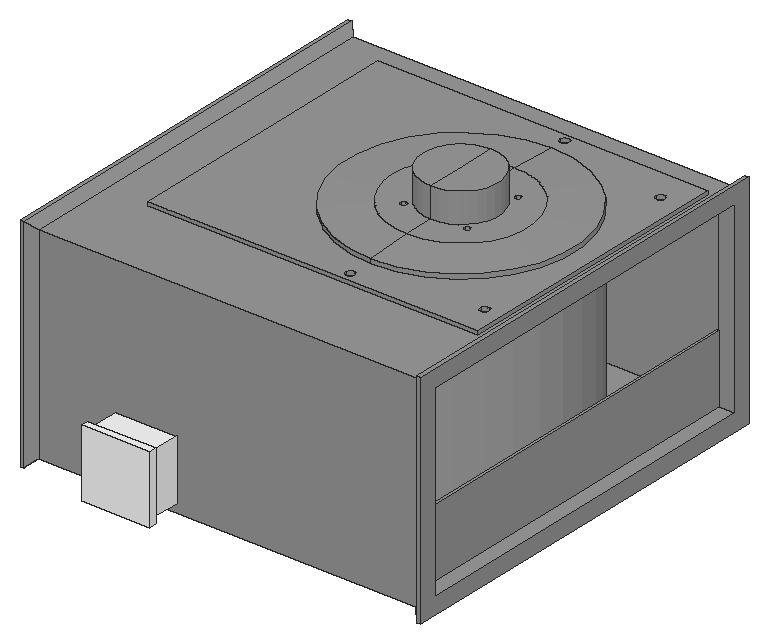
Revit family "RKB 500X250 B1 EC_7470036", category Mechanical Equipment, Revit 2014
Parameters (values of type "RKB 500X250 B1 EC")
  Wiring diagram = "4040143"
  Width = 532 mm
  Weight = 14.50 kg
  Voltage range = "200-240 V"
  Voltage = 230 V
  Speed = "2600 rpm"
  Sound pressure level at 3 m = "57 dB(A)"
  Power = 162 W
  Phase = 1
  Max. temperature of transported air when speed controlled = 60 °C
  Max. temperature of transported air = 60 °C
  Main Material = Steel, Galvanized
  Height = 335 mm
  Frequency = 50 Hz
  Elevation [instance] = 2600 mm
  Description = "UNINSULATED DUCT FANS WITH RECTANGULAR CONNECTIONS"
  Depth = 543 mm
  Current = 0.93 A
  Connector Height = 250 mm
  Connector Width = 500 mm
  Capacitor = "- μF"
Reference planes
  plane 1 "Center (Front/Back)": y = 0
  plane 2: z = 0
  plane 3 "Center (Left/Right)": x = 0
  plane 4: x = -266
  plane 5: x = 266
  plane 6: y = 271.5
  plane 7: y = -271.5
  plane 8: z = 2600
  plane 9: z = 2935
Dimensions and locks
  equal spacing: plane 4, plane 3 "Center (Left/Right)", plane 5
  "Width": plane 4 to plane 5
  equal spacing: plane 6, plane 1 "Center (Front/Back)", plane 7
  "Depth": plane 6 to plane 7
  "Elevation": plane 8 to level
  "Height": plane 9 to plane 8
  aligned and locked: level to plane 2
  aligned and locked: nested 1 to plane 1 "Center (Front/Back)"
  aligned and locked: plane 1 "Center (Front/Back)" to nested 2
  aligned and locked: plane 3 "Center (Left/Right)" to nested 2
  aligned and locked: nested 2 to plane 8
  aligned and locked: plane 3 "Center (Left/Right)" to nested 1
Nested families
  nested 1: "Flow direction symbol" at (0, 0, 0), type "Flow direction symbol"
  nested 2: "RKB" at (0, 0, 2600), type "RKB"
Connectors
  hvac at (-266, 0, 2767.5), driven by "Connector Height", driven by "Connector Width"
    settings: on nested 2, index 1, duct flow 0.0 L/s, flow factor 0, pres drop 0.0 Pa, loss coef 0, conn angle 0.00°, conn width 500 mm, conn height 250 mm, conn diameter 609.6 mm, duct sys type 1, conn prof type 1, flow config 0, flow direction 1, loss method 0, conn ref index -1, conn util no, is conn primary yes, conn desc ""
  hvac at (266, 0, 2767.5), driven by "Connector Height", driven by "Connector Width"
    settings: on nested 2, index 2, duct flow 0.0 L/s, flow factor 0, pres drop 0.0 Pa, loss coef 0, conn angle 0.00°, conn width 500 mm, conn height 250 mm, conn diameter 609.6 mm, duct sys type 3, conn prof type 1, flow config 0, flow direction 2, loss method 0, conn ref index -1, conn util no, is conn primary no, conn desc ""
  electrical at (-107.218, -311, 2661.5), driven by "Phase", driven by "Voltage", driven by "Power"
    settings: on nested 2, index 3, voltage 230 V, apparent load 0 VA, apparent load phase1 162 VA, apparent load phase2 0 VA, apparent load phase3 0 VA, power factor 1, load classification "HVAC", number of poles 1, system type 31, power factor state 1, is connector primary yes, connector utility no, sub classification motor no, connector description ""
Definition of nested family "RKB"
  Parameters (values of type "RKB")
    Width = 532 mm
    Main Material = Steel, Galvanized
    Height = 335 mm
    Description = ""
    Depth = 543 mm
    Connector Width = 500 mm
    Connector Heigth = 250 mm
  Reference planes
    plane 1 "Center (Front/Back)": y = 0
    plane 2: z = 0
    plane 3 "Center (Left/Right)": x = 0
    plane 4: x = -266
    plane 5: x = 266
    plane 6: y = 271.5
    plane 7: y = -271.5
    plane 8: z = 293
    plane 9: z = 119
    plane 10: x = 79.138
    plane 11: x = -107.218
    plane 12: z = 146.5
    plane 13: z = 271.5
    plane 14: z = 21.5
    plane 15: y = 250
    plane 16: y = -250
    plane 17: z = 61.5
    plane 18: x = 67.69
    plane 19: y = 24.017
    plane 20: y = 42.57
    plane 21: z = 335
  Forms (mm)
    Sweep 1, solid, material "Steel, Galvanized" <- "Main Material", detail levels medium+fine
      path origin (-266, 864.407, 1200) x (0, 1, 0) y (0, 0, 1)
        loop
          line (-592.907, -1200) -> (-592.907, -907) -> (-1135.907, -907) -> (-1135.907, -1200) -> (-592.907, -1200)
      profile origin (-266, 271.5, 146.5) x (0, -1, 0) y (1, 0, 0)
        loop
          line (22.203, 21.231) -> (16.231, 21.231) -> (0, 5) -> (0, 0) -> (22.203, 0) -> (22.203, 21.231)
    Sweep 2, solid, material "Steel, Galvanized" <- "Main Material", detail levels medium+fine
      path origin (266, 864.407, 1200) x (0, 1, 0) y (0, 0, 1)
        loop
          line (-592.907, -1200) -> (-592.907, -907) -> (-1135.907, -907) -> (-1135.907, -1200) -> (-592.907, -1200)
      profile origin (266, 271.5, 146.5) x (0, -1, 0) y (1, 0, 0)
        loop
          line (22.203, -21.231) -> (22.203, 0) -> (0, 0) -> (0, -5) -> (16.231, -21.231) -> (22.203, -21.231)
    Sweep 3, solid, material "Steel, Galvanized" <- "Main Material", detail levels medium+fine
      path origin (0, 0, 0) x (1, 0, 0) y (0, 1, 0)
        loop
          line (-266, 0) -> (266, 0)
      profile origin (0, 0, 0) x (0, 1, 0) y (0, 0, 1)
        loop
          line (250, 271.5) -> (-250, 271.5) -> (-250, 21.5) -> (250, 21.5) -> (250, 271.5)
        loop
          line (-261, 282.5) -> (-261, 10.5) -> (261, 10.5) -> (261, 282.5) -> (-261, 282.5)
    Revolve 4, solid, material "Steel, Galvanized" <- "Main Material", detail levels medium+fine
      sketch origin (67.762, 22.597, 1201.555) x (0, -1, 0) y (0, 0, 1)
        loop
          line (-19.973, -1182.297) -> (-19.973, -917.5) -> (-19.973, -866.555) -> (-69.973, -866.555) -> (-69.973, -906.024) -> (-109.973, -906.024) -> (-169.973, -908.881) -> (-169.973, -1182.297) -> (-19.973, -1182.297)
        axis (-19.973, -866.555) -> (-19.973, -1182.297)
      angle from 0 to 360
    Sweep 5, void
      path origin (43.109, 35, 1200) x (-1, 0, 0) y (0, 0, 1)
        loop
          line (-0.106, -944.203) -> (-0.106, -864.203)
      profile origin (43.215, 35, 295.797) x (1, 0, 0) y (0, 1, 0)
        loop
          circle (66.799, 49.894) r 4
        loop
          circle (172.958, 153.415) r 6
        loop
          circle (20.259, 184.988) r 6
        loop
          circle (178.469, -145.24) r 6
        loop
          circle (22.268, -173.196) r 6
        loop
          circle (-17.849, 49.894) r 4
        loop
          circle (66.799, -34.754) r 4
        loop
          circle (-17.849, -34.754) r 4
    Sweep 6, solid, material "Steel, Galvanized" <- "Main Material", detail levels coarse
      path origin (0, 0, 0) x (1, 0, 0) y (0, 1, 0)
        loop
          line (-266, 0) -> (266, 0)
      profile origin (0, 0, 0) x (0, 1, 0) y (0, 0, 1)
        loop
          line (271.5, 335) -> (-271.5, 335) -> (-271.5, 0) -> (271.5, 0) -> (271.5, 335)
    Sweep 7, solid, material "Steel, Galvanized" <- "Main Material", detail levels medium+fine
      path origin (0, 0, 0) x (0, 1, 0) y (0, 0, 1)
        loop
          line (249.297, 22.203) -> (249.297, 112.203)
      profile origin (0, 249.297, 67.203) x (0, -1, 0) y (1, 0, 0)
        loop
          line (0, -244.769) -> (498.595, -244.769) -> (498.595, -241.769) -> (0, -241.769) -> (0, -244.769)
        loop
          line (0, 244.769) -> (0, 241.769) -> (498.595, 241.769) -> (498.595, 244.769) -> (0, 244.769)
    Sweep 8, solid, material "Plastic", detail levels medium+fine
      path origin (0, -5.731, -156.959) x (1, 0, 0) y (0, 1, 0)
        loop
          line (-107.218, -255.269) -> (-107.218, -295.269)
      profile origin (-107.218, -281, -156.959) x (1, 0, 0) y (0, 0, 1)
        loop
          line (-40, 178.459) -> (40, 178.459) -> (40, 258.459) -> (-40, 258.459) -> (-40, 178.459)
    Sweep 9, solid, material "Plastic", detail levels medium+fine
      path origin (0, -5.731, 0) x (1, 0, 0) y (0, 1, 0)
        loop
          line (-107.218, -295.269) -> (-107.218, -305.269)
      profile origin (-107.218, -306, 0) x (1, 0, 0) y (0, 0, 1)
        loop
          line (-45, 106.5) -> (-45, 16.5) -> (45, 16.5) -> (45, 106.5) -> (-45, 106.5)
    Extrusion 10, solid, material "Steel, Galvanized" <- "Main Material"
      sketch origin (0, 0, 0) x (0, 1, 0) y (0, 0, 1)
        loop
          line (231.189, 282.5) -> (231.189, 287.135) -> (-150, 287.135) -> (-150, 282.5) -> (231.189, 282.5)
      from -193.603 to 244.769
  Cuts and joins
    joined: Sweep 1, Sweep 2, Sweep 3
    Sweep 5 cuts Revolve 4
    Sweep 5 cuts Extrusion 10
  Dimensions and locks
    equal spacing: plane 4, plane 3 "Center (Left/Right)", plane 5
    "Width": plane 4 to plane 5
    equal spacing: plane 6, plane 1 "Center (Front/Back)", plane 7
    "Depth": plane 6 to plane 7
    Sweep 5 sketch curve to plane 8 to Sweep 5 sketch curve = 42.797 mm, 37.203 mm
    locked: Sweep 7 sketch curve to plane 2 at 22.203
    Sweep 7 sketch curve to Sweep 7 sketch curve = 90 mm
    locked: plane 6 to Sweep 7 sketch curve at 22.203  (x2)
    locked: plane 4 to Sweep 7 sketch curve at 21.231
    locked: Sweep 7 sketch curve to Sweep 7 sketch curve at 3  (x2)
    locked: Sweep 7 sketch curve to plane 7 at 22.203  (x2)
    locked: Sweep 7 sketch curve to plane 6 at 22.203
    locked: Sweep 7 sketch curve to plane 5 at 21.231
    Sweep 8 sketch curve to plane 7 to Sweep 8 sketch curve = 10.5 mm, 29.5 mm
    plane 7 to Sweep 9 sketch curve to Sweep 9 sketch curve = 29.5 mm, 10 mm locked
    equal spacing: plane 8, plane 12, plane 2
    "Connector Heigth": plane 13 to plane 14
    equal spacing: plane 13, plane 12, plane 14
    "Connector Width": plane 15 to plane 16
    equal spacing: plane 15, plane 1 "Center (Front/Back)", plane 16
    "Height": plane 21 to level
    aligned and locked: level to plane 2
    aligned and locked: Sweep 1 sketch curve to plane 6
    aligned and locked: plane 7 to Sweep 1 sketch curve
    aligned and locked: plane 2 to Sweep 1 sketch curve
    aligned and locked: Sweep 1 sketch curve to plane 8
    aligned and locked: Sweep 2 sketch curve to plane 8
    aligned and locked: plane 2 to Sweep 2 sketch curve
    aligned and locked: plane 7 to Sweep 2 sketch curve
    aligned and locked: Sweep 2 sketch curve to plane 6
    aligned and locked: plane 1 "Center (Front/Back)" to Sweep 3 sketch curve
    aligned and locked: plane 1 "Center (Front/Back)" to Sweep 6 sketch curve
    aligned and locked: plane 2 to Sweep 6 sketch curve
    aligned and locked: plane 7 to Sweep 6 sketch curve
    aligned and locked: Sweep 6 sketch curve to plane 6
    aligned and locked: plane 11 to Sweep 8 sketch curve
    aligned and locked: plane 11 to Sweep 9 sketch curve
    aligned and locked: plane 14 to Sweep 3 sketch curve
    aligned and locked: plane 16 to Sweep 3 sketch curve
    aligned and locked: Sweep 3 sketch curve to plane 13
    aligned and locked: Sweep 3 sketch curve to plane 15
    aligned and locked: Sweep 8 to plane 14
    aligned and locked: Sweep 6 sketch curve to plane 21
  Automatic sketch dimensions
    Sweep 1 sketch curve to profile plane = 0 mm
    Sweep 1 sketch curve to plane 4 = 0 mm
    Sweep 1 sketch curve to profile plane = 16.231 mm
    Sweep 1 sketch curve to Sweep 1 sketch curve = 5.972 mm
    plane 4 to Sweep 1 sketch curve = 5 mm
    plane 4 to Sweep 1 sketch curve = 21.231 mm
    Sweep 2 sketch curve to profile plane = 0 mm
    Sweep 2 sketch curve to plane 5 = 0 mm
    Sweep 2 sketch curve to profile plane = 16.231 mm
    Sweep 2 sketch curve to Sweep 2 sketch curve = 5.972 mm
    Sweep 2 sketch curve to Sweep 2 sketch curve = 5 mm
    Sweep 2 sketch curve to Sweep 2 sketch curve = 21.231 mm
    Sweep 3 sketch curve to plane 4 = 0 mm
    Sweep 3 sketch curve to plane 5 = 0 mm
    Sweep 6 sketch curve to plane 4 = 0 mm
    Sweep 6 sketch curve to plane 5 = 0 mm
    profile plane to Sweep 8 sketch curve = 40 mm
    Sweep 8 sketch curve to profile plane = 40 mm
    level to Sweep 8 sketch curve = 21.5 mm
    Sweep 8 sketch curve to Sweep 8 sketch curve = 80 mm
    profile plane to Sweep 9 sketch curve = 45 mm
    Sweep 9 sketch curve to profile plane = 45 mm
    level to Sweep 9 sketch curve = 16.5 mm
    Sweep 9 sketch curve to Sweep 9 sketch curve = 90 mm
    plane 10 to Sweep 5 sketch curve = 35.923 mm
    plane 13 to Extrusion 10 sketch curve = 11 mm
    plane 16 to Extrusion 10 sketch curve = 100 mm
    Extrusion 10 sketch curve to plane 15 = 18.811 mm
    Extrusion 10 sketch curve to plane 8 = 5.865 mm
    level to Sweep 3 sketch curve = 10.5 mm
    Sweep 3 sketch curve to Sweep 3 sketch curve = 11 mm  (x3)
    profile plane to Sweep 5 sketch curve = 17.849 mm  (x2)
    Sweep 5 sketch curve to profile plane = 20.259 mm
    Sweep 5 sketch curve to profile plane = 22.268 mm
    Sweep 5 sketch curve to Sweep 5 sketch curve = 111.67 mm
    Sweep 5 sketch curve to Sweep 5 sketch curve = 106.159 mm
    Sweep 5 sketch curve to profile plane = 34.754 mm  (x2)
    Sweep 5 sketch curve to Sweep 5 sketch curve = 110.486 mm
    Sweep 5 sketch curve to Sweep 5 sketch curve = 138.441 mm
    profile plane to Sweep 5 sketch curve = 49.894 mm  (x2)
    Sweep 5 sketch curve to Sweep 5 sketch curve = 103.521 mm
    Sweep 5 sketch curve to Sweep 5 sketch curve = 135.094 mm
    Sweep 5 sketch curve to profile plane = 66.799 mm  (x2)
    Revolve 4 sketch curve to plane 21 = 0 mm
    Revolve 4 sketch curve to plane 20 = 0 mm  (x2)
    plane 20 to Revolve 4 sketch curve = 50 mm
    plane 8 to Revolve 4 sketch curve = 2.531 mm
    Revolve 4 sketch curve to Revolve 4 sketch curve = 40 mm
    Revolve 4 sketch curve to plane 14 = 2.242 mm
    Revolve 4 sketch curve to plane 15 = 57.43 mm
    Revolve 4 sketch curve to plane 8 = 8.945 mm
    Revolve 4 sketch curve to plane 8 = 0.326 mm
    Revolve 4 sketch curve to Revolve 4 sketch curve = 0 mm
    plane 8 to Revolve 4 sketch curve = 6.258 mm
    radius of Sweep 5 sketch curve = 4 mm  (x4)
    radius of Sweep 5 sketch curve = 6 mm  (x4)
Definition of nested family "Flow direction symbol"
  Parameters (values of type "Flow direction symbol")
    Warning = "!"
    Text = "DIMENSIONS OVERCONSTRAINT"
  Reference planes
    plane 1: y = 0
    plane 2: x = 0
  Lines and regions (mm)
    detail lines
      curve 1: line (-0.506, 0.877, 0) -> (-0.506, -0.877, 0)
      curve 2: line (1.012, 0, 0) -> (-0.506, -0.877, 0)
      curve 3: line (-0.506, 0.877, 0) -> (1.012, 0, 0)
      curve 4: circle (0, 0, 0) r 1 normal (0, 0, 1)
